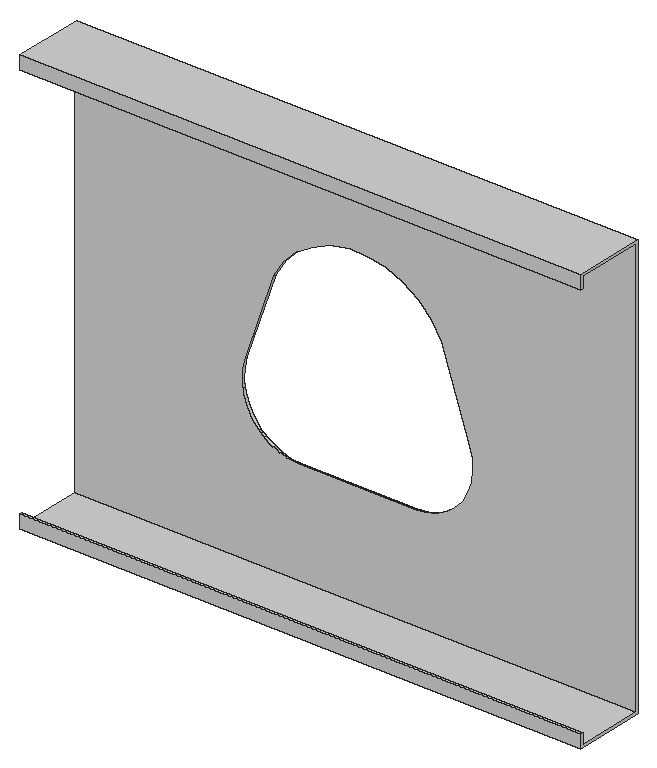
Revit family "Solid Blocking(JB)_Floor", category Structural Framing, Revit 2024
Family settings
  Section Shape = C Profile with Lips
  Material for Model Behavior = Steel
  Always export as geometry = No
  Always vertical = Yes
  Cut with Voids When Loaded = Yes
  Symbolic Representation = From Project Settings
  Shared = No
  Show family pre-cut in plan views = Yes
Parameters (values of type "Default")
  Weight = 0.00 lbf/ft
  Vy = 0.00 kip
  Vx = 0.00 kip
  URL = "https://www.marinoware.com/product-category/framerite-connectors/joist-framing/"
  Type Comments = ""
  Sx = 0.00 in³
  Structural Material [instance] = Metal - Steel - ASTM A992
  Short Tag = ""
  Return = 3/8"
  Reported Length [instance] = 15 7/8"
  Product Submittal Link = "https://www.marinoware.com/submittal/"
  Product Info = "Solid Blocking (JB)"
  Mx = 0.00 kip-ft
  Model = ""
  Manufacturer = "Marino\\WARE®"
  Long Tag = ""
  Iy = 0.00 in⁴
  Ix = 0.00 in⁴
  Fy = 0.00 ksi
  Description = "TrussDesignerProfile"
  Area = 0.00 in²
  Assembly Code = ""
  Length [instance] = 15 7/8"
  bf = 2"
  d = 12"
  tf = 1/16"
Reference planes (in)
  plane 1 "Center (Front/Back)": y = 0
  plane 2: z = 0
  plane 3 "Center (Left/Right)": x = 0.1815
  plane 4 "Left": x = -7.756
  plane 5 "Right": x = 8.119
  plane 6: y = -1
  plane 7: y = 1
  plane 8: y = 0.9375
  plane 9: y = -0.9375
  plane 10: z = -6
  plane 11 "Top": z = 6
  plane 12: z = -5.9375
  plane 13: z = 5.9375
  plane 14: z = -5.625
  plane 15: z = 5.625
Forms (in)
  Extrusion 1, solid, material "Metal - Steel - ASTM A992" <- "Structural Material", detail levels medium+fine
    sketch origin (-7.756, 0.02734, 0.16016) x (0, -1, 0) y (0, 0, 1)
      loop
        line (1.02734, 5.83984) -> (-0.97266, 5.83984) -> (-0.97266, -6.16016) -> (1.02734, -6.16016) -> (1.02734, -5.78516) -> (0.96484, -5.78516) -> (0.96484, -6.09766) -> (-0.91016, -6.09766) -> (-0.91016, 5.77734) -> (0.96484, 5.77734) -> (0.96484, 5.46484) -> (1.02734, 5.46484) -> (1.02734, 5.83984)
    from -15.875 to 0
  Extrusion 2, void
    sketch origin (-7.75855, 0.9375, -5.85324) x (0, 0, -1) y (-1, 0, 0)
      loop
        line (-7.37942, -10.38509) -> (-5.02303, -11.18803)
        arc (-5.02303, -11.18803) -> (-3.53901, -10.96922) -> (-2.85324, -9.63509) r 1.64063
        line (-2.85324, -9.63509) -> (-2.85324, -6.38509)
        arc (-2.85324, -6.38509) -> (-3.53901, -5.05096) -> (-5.02303, -4.83215) r 1.64063
        line (-5.02303, -4.83215) -> (-7.37942, -5.63509)
        arc (-7.37942, -5.63509) -> (-8.83929, -8.01009) -> (-7.37942, -10.38509) r 2.66183
    from 0 to 0.0625
Cuts and joins
  Extrusion 2 cuts Extrusion 1
Lines and regions (in)
  model lines, style "BIMSF.Framing", detail levels coarse
    curve 1: line (-7.756, 0, 0) -> (8.119, 0, 0)
Dimensions and locks (in)
  "d": plane 10 to plane 11 "Top"
  plane 10 to plane 2 to plane 11 "Top" = 6", 6"
  "Length": plane 4 "Left" to plane 5 "Right"
  "bf": plane 7 to plane 6
  equal spacing: plane 7, plane 1 "Center (Front/Back)", plane 6
  "tf": plane 12 to plane 10
  "Return": plane 10 to plane 14
  "Reported Length": Extrusion 1 to Extrusion 1
  Extrusion 1 to Extrusion 1 = 1/16"
  "tf": Extrusion 1 to Extrusion 1  (x2)
  "tf": plane 11 "Top" to plane 13
  "Return": plane 11 "Top" to plane 15
  plane 4 "Left" to plane 5 "Right" = 15 7/8"
  plane 11 "Top" to plane 10 = 12"
  plane 11 "Top" to plane 2 to plane 10 = 6", 6"
  equal spacing: plane 4 "Left", plane 3 "Center (Left/Right)", plane 5 "Right"
  plane 6 to plane 7 = 2"
  aligned and locked: Extrusion 1 sketch curve to plane 8
  aligned and locked: Extrusion 1 sketch curve to plane 7
  aligned and locked: plane 1 "Center (Front/Back)" to curve 1
  aligned and locked: plane 4 "Left" to curve 1
  aligned and locked: plane 5 "Right" to curve 1
  aligned and locked: plane 6 to Extrusion 1
  aligned and locked: Extrusion 1 to plane 15
  aligned and locked: plane 11 "Top" to Extrusion 1
  aligned and locked: Extrusion 1 to plane 13
  aligned and locked: Extrusion 1 to plane 5 "Right"
  aligned and locked: plane 4 "Left" to Extrusion 1
Automatic sketch dimensions
  Extrusion 1 sketch curve to plane 10 = 0"
  plane 12 to Extrusion 1 sketch curve = 0"
  Extrusion 1 sketch curve to Extrusion 1 sketch curve = 5/16"
  Extrusion 1 sketch curve to plane 13 = 0"
  plane 11 "Top" to Extrusion 1 sketch curve = 0"
  Extrusion 1 sketch curve to plane 13 = 5/16"
  Extrusion 1 sketch curve to plane 9 = 0"  (x2)
  plane 6 to Extrusion 1 sketch curve = 0"  (x2)
  Extrusion 1 to Extrusion 2 sketch curve = 4.41132"
  Extrusion 2 sketch curve to Extrusion 2 sketch curve = 1.20196"
  Extrusion 2 sketch curve to Extrusion 2 sketch curve = 1.15443"
  Extrusion 2 sketch curve to Extrusion 2 sketch curve = 2.35639"  (x2)
  Extrusion 2 sketch curve to Extrusion 2 sketch curve = 0.52917"  (x2)
  Extrusion 2 sketch curve to Extrusion 2 sketch curve = 1 41/64"
  Extrusion 2 sketch curve to Extrusion 1 = 4.68952"
  Extrusion 2 sketch curve to Extrusion 2 sketch curve = 1 5/8"  (x2)
  Extrusion 2 sketch curve to Extrusion 2 sketch curve = 0.80294"
